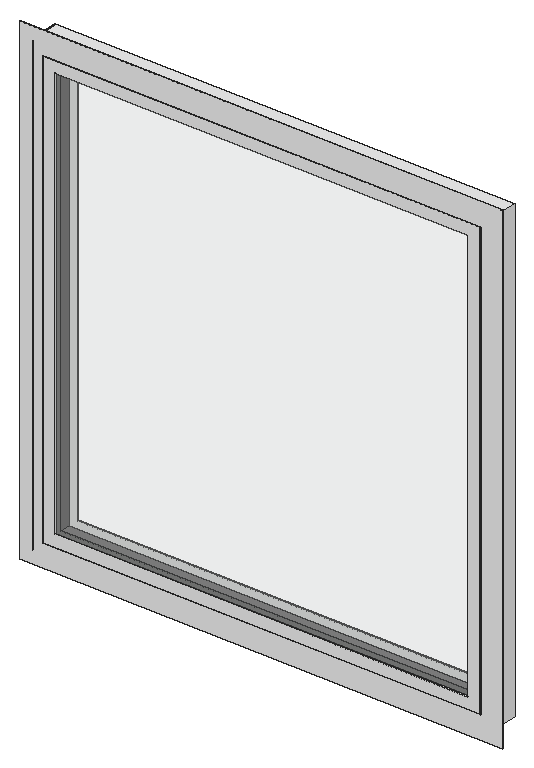
Revit family "Casement_30.5_B_Side_Hung_Custom", category Windows, host Wall, Revit 2014
Parameters (values of type "Casement_Sash_DG")
  Width Sash [instance] = 30 mm
  Width Sash Inner = 15 mm
  Width Bead = 15 mm
  Top Hung [instance] = yes
  Side Hung Right [instance] = yes
  Side Hung Left [instance] = yes
  Sash Opening Width [instance] = 600 mm
  Sash Opening Height [instance] = 600.312 mm
  Sash Lip = 15 mm
  Glazing Material [instance] = Glass
  DG Start Piece 2 [instance] = DG End Piece 1 + DG Gasket Thickness  # 25 mm
  DG Start Peice 1 [instance] = (Depth Sash - (2 * DG Glazing Thickness) - DG Gasket Thickness) / 2  # 6.6 mm
  Glazing Offset = 5 mm
  DG Glazing Thickness [instance] = 6.4 mm
  DG Gasket Thickness = 12 mm  # constant formula
  DG Gasket Material [instance] = Double Glazing Gasket Material
  DG End Piece 2 [instance] = DG Start Piece 2 + DG Glazing Thickness  # 31.4 mm
  DG End Piece 1 [instance] = DG Start Peice 1 + DG Glazing Thickness  # 13 mm
  Depth Sash [instance] = 38 mm
  Center Vertical Sash [instance] = Sash Opening Height / 2  # 300.156 mm
  Center Horizontal Sash [instance] = Sash Opening Width / 2  # 300 mm
  Bottom Hung [instance] = yes
  Bead Offset = 15 mm
  Aluminium Thickness = 1 mm
  Aluminium Material [instance] = White Powder Coated Aluminium
Reference planes
  plane 1 "Center (Front/Back)": y = 0
  plane 2: z = 0
  plane 3 "Center (Left/Right)": x = 0
Forms (mm)
  Sweep 1, solid, material "White Powder Coated Aluminium" <- "Aluminium Material"
    path origin (16.177, 0, 121.331) x (1, 0, 0) y (0, 0, 1)
      loop
        line (0, 0) -> (600, 0) -> (600, 600.312) -> (0, 600.312) -> (0, 0)
    profile origin (316.177, 0, 121.331) x (0, 0, 1) y (0, -1, 0)
      loop
        line (0, 0) -> (30, 0) -> (30, 1) -> (15, 1) -> (15, 38) -> (-15, 38) -> (-15, 37) -> (0, 37) -> (0, 0)
      loop
        line (14, 1) -> (14, 37) -> (1, 37) -> (1, 1) -> (14, 1)
  Sweep 2, solid, material "White Powder Coated Aluminium" <- "Aluminium Material"
    path origin (0, 0, 0) x (1, 0, 0) y (0, 0, 1)
      loop
        line (31.177, 706.643) -> (31.177, 136.331) -> (601.177, 136.331) -> (601.177, 706.643) -> (31.177, 706.643)
    profile origin (316.177, 0, 706.643) x (0, 0, 1) y (0, -1, 0)
      loop
        line (0, 37) -> (0, 38) -> (-15, 38) -> (-15, 37) -> (0, 37)
  Extrusion 3, solid, material "Glass" <- "Glazing Material"
    sketch origin (0, 0, 0) x (1, 0, 0) y (0, 0, 1)
      loop
        line (36.177, 701.643) -> (36.177, 141.331) -> (596.177, 141.331) -> (596.177, 701.643) -> (36.177, 701.643)
    from 6.6 <- "DG Start Peice 1" to 13 <- "DG End Piece 1"
  Extrusion 4, solid, material "Glass" <- "Glazing Material"
    sketch origin (0, 0, 0) x (1, 0, 0) y (0, 0, 1)
      loop
        line (36.177, 701.643) -> (36.177, 141.331) -> (596.177, 141.331) -> (596.177, 701.643) -> (36.177, 701.643)
    from 31.4 <- "DG End Piece 2" to 25 <- "DG Start Piece 2"
  Sweep 5, solid, material "Double Glazing Gasket Material" <- "DG Gasket Material"
    path origin (0, -13, 0) x (1, 0, 0) y (0, 0, 1)
      loop
        line (36.177, 701.643) -> (36.177, 141.331) -> (596.177, 141.331) -> (596.177, 701.643) -> (36.177, 701.643)
    profile origin (316.177, -13, 701.643) x (0, 0, 1) y (0, -1, 0)
      loop
        line (0, 0) -> (0, 12) -> (-7.96, 12) -> (-7.96, 0) -> (0, 0)
Lines and regions (mm)
  model lines
    curve 1: line (1.177, -38, 736.643) -> (31.177, -38, 706.643)
    curve 2: line (601.177, -38, 706.643) -> (631.177, -38, 736.643)
    curve 3: line (601.177, -38, 136.331) -> (631.177, -38, 106.331)
    curve 4: line (1.177, -38, 106.331) -> (31.177, -38, 136.331)
    curve 5: line (631.177, -37, 736.643) -> (616.177, -37, 721.643)
    curve 6: line (1.177, -37, 736.643) -> (16.177, -37, 721.643)
    curve 7: line (1.177, -37, 106.331) -> (16.177, -37, 121.331)
    curve 8: line (631.177, -37, 106.331) -> (616.177, -37, 121.331)
    curve 9: line (616.177, 0, 121.331) -> (586.177, 0, 151.331)
    curve 10: line (46.177, 0, 151.331) -> (16.177, 0, 121.331)
    curve 11: line (616.177, 0, 721.643) -> (586.177, 0, 691.643)
    curve 12: line (46.177, 0, 691.643) -> (16.177, 0, 721.643)
    curve 13: line (31.177, -38, 691.643) -> (46.177, -38, 691.643)
    curve 14: line (586.177, -38, 691.643) -> (601.177, -38, 691.643)
    curve 15: line (586.177, -38, 151.331) -> (601.177, -38, 151.331)
    curve 16: line (31.177, -38, 151.331) -> (46.177, -38, 151.331)
  model lines, style "GenericModelHiddenLines", visible <- "Top Hung"
    curve 17: line (46.386, -31.4, 690.914) -> (316.177, -31.4, 151.331)
    curve 18: line (316.177, -31.4, 151.331) -> (586.177, -31.4, 691.331)
  model lines, style "GenericModelHiddenLines", visible <- "Bottom Hung"
    curve 19: line (46.177, -31.4, 151.331) -> (316.177, -31.4, 691.331)
    curve 20: line (316.177, -31.4, 691.331) -> (586.177, -31.4, 151.331)
  model lines, style "GenericModelHiddenLines", visible <- "Side Hung Left"
    curve 21: line (46.386, -31.4, 690.914) -> (585.24, -31.4, 421.487)
    curve 22: line (585.24, -31.4, 421.487) -> (46.177, -31.4, 151.331)
  model lines, style "GenericModelHiddenLines", visible <- "Side Hung Right"
    curve 23: line (586.177, -31.4, 691.331) -> (46.177, -31.4, 421.487)
    curve 24: line (46.177, -31.4, 421.487) -> (586.177, -31.4, 151.331)
Dimensions and locks
  "Aluminium Thickness": Sweep 1 sketch curve to Sweep 1 sketch curve  (x4)
  "Depth Sash": Sweep 1 sketch curve to Sweep 1 sketch curve
  "Sash Opening Width": Sweep 1 to Sweep 1
  "Sash Opening Height": Sweep 1 to Sweep 1
  "Width Sash": Sweep 1 sketch curve to Sweep 1 sketch curve  (x2)
  "Width Sash Inner": Sweep 1 sketch curve to Sweep 1 sketch curve
  "Sash Lip": Sweep 1 sketch curve to Sweep 1 sketch curve
  "Aluminium Thickness": Sweep 1 to Sweep 2 sketch curve
  "Glazing Offset": Sweep 2 to Extrusion 3 sketch curve  (x3)
  "Glazing Offset": Extrusion 3 sketch curve to Sweep 2
  Sweep 1 to Sweep 1 = 1 mm
  "Aluminium Thickness": Sweep 2 sketch curve to Sweep 2 sketch curve
  "Width Bead": Sweep 2 sketch curve to Sweep 2 sketch curve
  locked: Sweep 5 sketch curve to Sweep 5 sketch curve at 7.96
  "Center Horizontal Sash": Sweep 1 to curve 18
  "Center Horizontal Sash": Sweep 1 to curve 20
  "Center Vertical Sash": Sweep 1 to curve 22
  "Center Vertical Sash": Sweep 1 to curve 24
  aligned and locked: level to plane 2
  aligned and locked: Sweep 1 sketch curve to Sweep 1 sketch curve  (x2)
  aligned and locked: Sweep 2 sketch curve to Sweep 1  (x5)
  aligned and locked: Extrusion 4 sketch curve to Extrusion 3  (x4)
  aligned and locked: Sweep 5 sketch curve to Extrusion 3  (x5)
  aligned and locked: Extrusion 3 to Sweep 5 sketch curve
Automatic sketch dimensions
  plane 3 "Center (Left/Right)" to Sweep 1 sketch curve = 16.177 mm
  level to Sweep 1 sketch curve = 121.331 mm
  plane 3 "Center (Left/Right)" to Sweep 1 sketch curve = 616.177 mm
  level to Sweep 1 sketch curve = 721.643 mm
  profile plane to Sweep 5 sketch curve = 12 mm
  curve 7 to Sweep 1 = 0 mm  (x4)
  curve 6 to Sweep 1 = 0 mm  (x3)
  Sweep 1 to curve 6 = 0 mm
  curve 5 to Sweep 1 = 0 mm  (x3)
  curve 8 to Sweep 1 = 0 mm  (x4)
  Sweep 1 to curve 5 = 0 mm
  curve 16 to Sweep 2 = 0 mm  (x3)
  curve 13 to Sweep 2 = 0 mm  (x3)
  curve 15 to Sweep 2 = 0 mm
  Sweep 2 to curve 15 = 0 mm  (x2)
  curve 14 to Sweep 2 = 0 mm  (x2)
  Sweep 2 to curve 14 = 0 mm
  curve 1 to Sweep 1 = 0 mm  (x4)
  curve 4 to Sweep 1 = 0 mm  (x3)
  Sweep 1 to curve 4 = 0 mm
  curve 3 to Sweep 1 = 0 mm  (x3)
  curve 2 to Sweep 1 = 0 mm  (x4)
  Sweep 1 to curve 3 = 0 mm
  curve 10 to Sweep 1 = 0 mm  (x4)
  curve 12 to Sweep 1 = 0 mm  (x3)
  Sweep 1 to curve 12 = 0 mm
  curve 9 to Sweep 1 = 0 mm  (x4)
  curve 11 to Sweep 1 = 0 mm  (x3)
  Sweep 1 to curve 11 = 0 mm
  Sweep 1 sketch curve to plane 1 "Center (Front/Back)" = 0 mm
  profile plane to Sweep 1 sketch curve = 0 mm
  curve 21 to Extrusion 4 = 10.208 mm
  curve 19 to Extrusion 4 = 10 mm
  curve 23 to Extrusion 4 = 10 mm  (x2)
  curve 22 to Extrusion 4 = 10.937 mm
  curve 20 to Extrusion 4 = 10 mm
  curve 24 to Extrusion 4 = 10 mm
  curve 22 to Extrusion 4 = 10 mm
  curve 18 to Extrusion 4 = 10 mm
  curve 21 to Extrusion 4 = 10.729 mm
  curve 19 to Extrusion 4 = 10.312 mm
  curve 18 to Extrusion 4 = 10.312 mm
